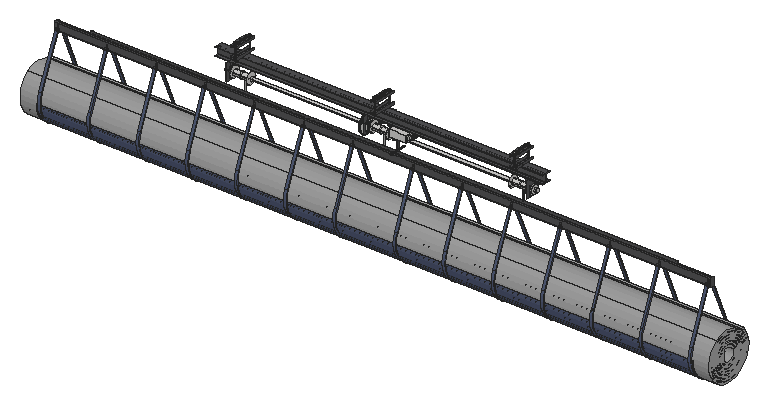
Revit family "Wrestling_Mat_Storage-PSS-4090", category Specialty Equipment, Revit 2018
Family settings
  Round Connector Dimension = Use Diameter
  Part Type = Normal
  OmniClass Number = 23.40.50.34.34
  OmniClass Title = Equipment Storage Racks
  Work Plane-Based = No
  Always vertical = Yes
  Cut with Voids When Loaded = No
  Shared = No
  Room Calculation Point = No
Parameters (values of type "4090 - Single Sling")
  URL = "http://www.perfsports.com/"
  Superstructure Finish = Powder Coat - Performance Sports Systems - Black
  Sling Material = Vinyl Coated Fabric - Performance Sports Systems - C04 Royal Blue
  Show Lower Sling = no
  Mat Color = Generic - Wrestling Mat
  Product Page URL = "http://www.perfsports.com/store/p-96-4090-mat-storage-system.aspx"
  Model = "4090"
  Manufacturer = "Performance Sports Systems"  # constant formula
  Length = 40' - 0"
  Description = "Wrestling Mat Storage System"
  Created By = "Revitus"  # constant formula
  Creator URL = "http://www.revituspro.com/"
  BIM Version = "v3.1"
  CSI MasterFormat = "11 66 23"
  Assembly Code = "E1020900"
  Attachment Height [instance] = 24' - 6"
Reference planes (in)
  plane 1 "Centerline of Drive Shaft (Front/Back)": y = 0
  plane 2: z = 0
  plane 3 "Center (Left/Right)": x = 0
  plane 4 "Left": x = -240
  plane 5 "Right": x = 240
  plane 6: x = -238
  plane 7: x = 238
  plane 8 "Top of Load Bar": z = 257.875
  plane 9: x = -214.75
  plane 10: x = 214.75
  plane 11 "Centerline of Curtain Roller (Top/Bottom)": z = 271.375
  plane 12 "Bottom of Structure": z = 294
  plane 13 "Bottom of Load Bar": z = 251.875
  plane 14: x = -120
  plane 15: x = 120
  plane 16 "Left Carrier Centerline (Left/Right)": x = -102
  plane 17 "Right Carrier Centerline (Left/Right)": x = 102
  plane 18: y = 3
  plane 19: y = 1
  plane 20 "Drive Shaft - Left": x = -114
  plane 21 "Drive Shaft - Right": x = 114
  plane 22 "Edge of Mat - Left": x = -252
  plane 23 "Edge of Mat - Right": x = 252
  plane 24: z = 193.375
  plane 25 "Centerline of Mat (Top/Bottom)": z = 211.375
  plane 26: z = 259.875
  plane 27: y = 2.25
  plane 28: y = 1.75
  plane 29 "Center (Front/Back)": y = 2
  plane 30 "Back": y = 20
  plane 31 "Front": y = -16
  plane 32: x = -22
  plane 33: z = 151.375
  plane 34: x = -202
  plane 35: x = -166
  plane 36: x = -130
  plane 37: x = -94
  plane 38: x = -58
  plane 39: x = 22
  plane 40: x = 202
  plane 41: x = 166
  plane 42: x = 130
  plane 43: x = 94
  plane 44: x = 58
Forms (in)
  Extrusion 1, solid, material "Powder Coat - Performance Sports Systems - Black" <- "Superstructure Finish"
    sketch origin (0, 0, 117) x (0, 1, 0) y (0, 0, 1)
      loop
        arc (3, 140.5) -> (2.89017, 140.76517) -> (2.625, 140.875) r 0.375
        line (2.625, 140.875) -> (1.375, 140.875)
        arc (1.375, 140.875) -> (1.10983, 140.76517) -> (1, 140.5) r 0.375
        line (1, 140.5) -> (1, 135.25)
        arc (1, 135.25) -> (1.10983, 134.98483) -> (1.375, 134.875) r 0.375
        line (1.375, 134.875) -> (2.625, 134.875)
        arc (2.625, 134.875) -> (2.89017, 134.98483) -> (3, 135.25) r 0.375
        line (3, 135.25) -> (3, 140.5)
      loop
        arc (2.8125, 140.5) -> (2.75758, 140.63258) -> (2.625, 140.6875) r 0.1875
        line (2.625, 140.6875) -> (1.375, 140.6875)
        arc (1.375, 140.6875) -> (1.24242, 140.63258) -> (1.1875, 140.5) r 0.1875
        line (1.1875, 140.5) -> (1.1875, 135.25)
        arc (1.1875, 135.25) -> (1.24242, 135.11742) -> (1.375, 135.0625) r 0.1875
        line (1.375, 135.0625) -> (2.625, 135.0625)
        arc (2.625, 135.0625) -> (2.75758, 135.11742) -> (2.8125, 135.25) r 0.1875
        line (2.8125, 135.25) -> (2.8125, 140.5)
    from -240 to 240
  Extrusion 2, solid, material "Metal - Performance Sports Systems - Gray Steel"
    sketch origin (0, 0, 0) x (0, 1, 0) y (0, 0, 1)
      loop
        circle (0, 271.375) r 1
    from -114 to 114
  Extrusion 3, solid, material "Powder Coat - Performance Sports Systems - Black" <- "Superstructure Finish", detail levels medium+fine
    sketch origin (0, 0, 0) x (0, 1, 0) y (0, 0, 1)
      loop
        line (-3, 285) -> (-3, 284.5625) -> (-0.40625, 284.5625)
        arc (-0.40625, 284.5625) -> (-0.22947, 284.48928) -> (-0.15625, 284.3125) r 0.25
        line (-0.15625, 284.3125) -> (-0.15625, 279.3125)
        arc (-0.15625, 279.3125) -> (-0.22947, 279.13572) -> (-0.40625, 279.0625) r 0.25
        line (-0.40625, 279.0625) -> (-3, 279.0625) -> (-3, 278.625) -> (3, 278.625) -> (3, 279.0625) -> (0.40625, 279.0625)
        arc (0.40625, 279.0625) -> (0.22947, 279.13572) -> (0.15625, 279.3125) r 0.25
        line (0.15625, 279.3125) -> (0.15625, 284.3125)
        arc (0.15625, 284.3125) -> (0.22947, 284.48928) -> (0.40625, 284.5625) r 0.25
        line (0.40625, 284.5625) -> (3, 284.5625) -> (3, 285) -> (-3, 285)
    from -120 to 120
  Extrusion 4, solid, material "Powder Coat - Performance Sports Systems - Black" <- "Superstructure Finish"
    sketch origin (0, 0, 0) x (0, 1, 0) y (0, 0, 1)
      loop
        line (2.25, 257.875) -> (2.25, 259.875) -> (1.75, 259.875) -> (1.75, 257.875) -> (2.25, 257.875)
    from -214.75 to 214.75
  Extrusion 5, solid, material "Generic - Wrestling Mat" <- "Mat Color"
    sketch origin (0, 0, 0) x (0, 1, 0) y (0, 0, 1)
      loop
        arc (-2.24264, 215.61764) -> (2, 205.375) -> (6.24264, 215.61764) r 6
        arc (6.24264, 215.61764) -> (1.5286, 217.97466) -> (-3.65685, 217.03185) r 8.33333
        arc (-3.65685, 217.03185) -> (2, 203.375) -> (7.65685, 217.03185) r 8
        arc (7.65685, 217.03185) -> (1.7971, 219.97427) -> (-4.66009, 218.83443) r 10.42105
        arc (-4.66009, 218.83443) -> (1.71728, 201.379) -> (9.07107, 218.44607) r 10
        arc (9.07107, 218.44607) -> (1.97061, 221.96962) -> (-5.81506, 220.4813) r 12.42105
        arc (-5.81506, 220.4813) -> (1.54315, 199.3837) -> (10.48528, 219.86028) r 12
        arc (10.48528, 219.86028) -> (2.14446, 223.96412) -> (-6.9677, 222.12583) r 14.42105
        arc (-6.9677, 222.12583) -> (1.36892, 197.38923) -> (11.89949, 221.27449) r 14
        arc (11.89949, 221.27449) -> (2.31851, 225.95809) -> (-8.11886, 223.7689) r 16.42105
        arc (-8.11886, 223.7689) -> (1.19463, 195.39528) -> (13.31371, 222.68871) r 16
        arc (13.31371, 222.68871) -> (2.49269, 227.95171) -> (-9.26904, 225.41098) r 18.42105
        arc (-9.26904, 225.41098) -> (1.02029, 193.40168) -> (14.72792, 224.10292) r 18
        line (14.72792, 224.10292) -> (13.84404, 223.21904)
        arc (13.84404, 223.21904) -> (1.12926, 194.64765) -> (-8.55027, 224.38477) r 16.75
        arc (-8.55027, 224.38477) -> (2.38382, 226.70573) -> (12.42983, 221.80483) r 17.17105
        arc (12.42983, 221.80483) -> (1.30357, 196.64145) -> (-7.39952, 222.74212) r 14.75
        arc (-7.39952, 222.74212) -> (2.20971, 224.71191) -> (11.01561, 220.39061) r 15.17105
        arc (11.01561, 220.39061) -> (1.47782, 198.6357) -> (-6.24752, 221.09822) r 12.75
        arc (-6.24752, 221.09822) -> (2.03578, 222.71764) -> (9.6014, 218.9764) r 13.17105
        arc (9.6014, 218.9764) -> (1.65199, 200.63063) -> (-5.09356, 219.45237) r 10.75
        arc (-5.09356, 219.45237) -> (1.86211, 220.72266) -> (8.18718, 217.56218) r 11.17105
        arc (8.18718, 217.56218) -> (1.82605, 202.62673) -> (-3.93634, 217.80324) r 8.75
        arc (-3.93634, 217.80324) -> (1.68894, 218.72649) -> (6.77297, 216.14797) r 9.17105
        arc (6.77297, 216.14797) -> (2, 204.625) -> (-2.77297, 216.14797) r 6.75
        arc (-2.77297, 216.14797) -> (1.51675, 216.72806) -> (5.35876, 214.73376) r 7.17105
        arc (5.35876, 214.73376) -> (2, 206.625) -> (-1.35876, 214.73376) r 4.75
        line (-1.35876, 214.73376) -> (-2.24264, 215.61764)
    from -252 to 252
  Extrusion 6, solid, material "Vinyl Coated Fabric - Performance Sports Systems - C04 Royal Blue" <- "Sling Material"
    sketch origin (0, 0, 0) x (0, 1, 0) y (0, 0, 1)
      loop
        line (-16, 211.375) -> (-16.125, 211.375)
        arc (-16.125, 211.375) -> (2, 193.25) -> (20.125, 211.375) r 18.125
        line (20.125, 211.375) -> (20, 211.375)
        arc (20, 211.375) -> (2, 193.375) -> (-16, 211.375) r 18
    from -240 to 240
  Extrusion 7, solid, material "Generic - Wrestling Mat" <- "Mat Color", visible <- "Show Lower Sling"
    sketch origin (0, 0, 0) x (0, 1, 0) y (0, 0, 1)
      loop
        arc (-2.24264, 155.61764) -> (2, 145.375) -> (6.24264, 155.61764) r 6
        arc (6.24264, 155.61764) -> (1.5286, 157.97466) -> (-3.65685, 157.03185) r 8.33333
        arc (-3.65685, 157.03185) -> (2, 143.375) -> (7.65685, 157.03185) r 8
        arc (7.65685, 157.03185) -> (1.7971, 159.97427) -> (-4.66009, 158.83443) r 10.42105
        arc (-4.66009, 158.83443) -> (1.71728, 141.379) -> (9.07107, 158.44607) r 10
        arc (9.07107, 158.44607) -> (1.97061, 161.96962) -> (-5.81506, 160.4813) r 12.42105
        arc (-5.81506, 160.4813) -> (1.54315, 139.3837) -> (10.48528, 159.86028) r 12
        arc (10.48528, 159.86028) -> (2.14446, 163.96412) -> (-6.9677, 162.12583) r 14.42105
        arc (-6.9677, 162.12583) -> (1.36892, 137.38923) -> (11.89949, 161.27449) r 14
        arc (11.89949, 161.27449) -> (2.31851, 165.95809) -> (-8.11886, 163.7689) r 16.42105
        arc (-8.11886, 163.7689) -> (1.19463, 135.39528) -> (13.31371, 162.68871) r 16
        arc (13.31371, 162.68871) -> (2.49269, 167.95171) -> (-9.26904, 165.41098) r 18.42105
        arc (-9.26904, 165.41098) -> (1.02029, 133.40168) -> (14.72792, 164.10292) r 18
        line (14.72792, 164.10292) -> (13.84404, 163.21904)
        arc (13.84404, 163.21904) -> (1.12926, 134.64765) -> (-8.55027, 164.38477) r 16.75
        arc (-8.55027, 164.38477) -> (2.38382, 166.70573) -> (12.42983, 161.80483) r 17.17105
        arc (12.42983, 161.80483) -> (1.30357, 136.64145) -> (-7.39952, 162.74212) r 14.75
        arc (-7.39952, 162.74212) -> (2.20971, 164.71191) -> (11.01561, 160.39061) r 15.17105
        arc (11.01561, 160.39061) -> (1.47782, 138.6357) -> (-6.24752, 161.09822) r 12.75
        arc (-6.24752, 161.09822) -> (2.03578, 162.71764) -> (9.6014, 158.9764) r 13.17105
        arc (9.6014, 158.9764) -> (1.65199, 140.63063) -> (-5.09356, 159.45237) r 10.75
        arc (-5.09356, 159.45237) -> (1.86211, 160.72266) -> (8.18718, 157.56218) r 11.17105
        arc (8.18718, 157.56218) -> (1.82605, 142.62673) -> (-3.93634, 157.80324) r 8.75
        arc (-3.93634, 157.80324) -> (1.68894, 158.72649) -> (6.77297, 156.14797) r 9.17105
        arc (6.77297, 156.14797) -> (2, 144.625) -> (-2.77297, 156.14797) r 6.75
        arc (-2.77297, 156.14797) -> (1.51675, 156.72806) -> (5.35876, 154.73376) r 7.17105
        arc (5.35876, 154.73376) -> (2, 146.625) -> (-1.35876, 154.73376) r 4.75
        line (-1.35876, 154.73376) -> (-2.24264, 155.61764)
    from -252 to 252
  Extrusion 8, solid, material "Vinyl Coated Fabric - Performance Sports Systems - C04 Royal Blue" <- "Sling Material", visible <- "Show Lower Sling"
    sketch origin (0, 0, 0) x (0, 1, 0) y (0, 0, 1)
      loop
        line (-16, 151.375) -> (-16.125, 151.375)
        arc (-16.125, 151.375) -> (2, 133.25) -> (20.125, 151.375) r 18.125
        line (20.125, 151.375) -> (20, 151.375)
        arc (20, 151.375) -> (2, 133.375) -> (-16, 151.375) r 18
    from -240 to 240
  Sweep 9, solid, material "Metal - Performance Sports Systems - Gray Steel"
    path origin (-102, 0, 0) x (0, 0, 1) y (0, -1, 0)
      loop
        line (259.875, -2) -> (271.375, -2)
        arc (271.375, -2) -> (272.78921, 1.41421) -> (269.375, 0) r 2
    profile origin (-102, -1.41421, 272.78921) x (0, 0.707107, -0.707107) y (1, 0, 0)
      loop
        circle (-0.15625, 0) r 0.15625
  Sweep 10, solid, material "Metal - Performance Sports Systems - Gray Steel"
    path origin (102, 0, 0) x (0, 0, 1) y (0, -1, 0)
      loop
        line (259.875, -2) -> (271.375, -2)
        arc (271.375, -2) -> (272.78921, 1.41421) -> (269.375, 0) r 2
    profile origin (102, -1.41421, 272.78921) x (0, -0.707107, 0.707107) y (-1, 0, 0)
      loop
        circle (-0.15625, 0) r 0.15625
  Sweep 11, solid, material "Metal - Performance Sports Systems - Gray Steel"
    path origin (0, 0, 0) x (0, 1, 0) y (0, 0, 1)
      loop
        line (2, 259.875) -> (2, 271.375)
        arc (2, 271.375) -> (-1.41421, 272.78921) -> (0, 269.375) r 2
    profile origin (0, -1.41421, 272.78921) x (0, 0.707107, -0.707107) y (1, 0, 0)
      loop
        circle (-0.15625, 0) r 0.15625
Lines and regions (in)
  symbolic lines, style "SpecialityEquipmentHiddenLines"
    curve 1: line (-240, 20, 0) -> (240, 20, 0)
    curve 2: line (-240, -16, 0) -> (240, -16, 0)
    curve 3: line (-240, 20, 0) -> (-240, -16, 0)
    curve 4: line (240, 20, 0) -> (240, -16, 0)
  model lines, style "InvisibleLines", not visible
    curve 5: line (0, 0, 259.875) -> (0, 0, 0)
Dimensions and locks (in)
  "Length": plane 4 "Left" to plane 5 "Right"
  locked: plane 4 "Left" to plane 9 at 25.25
  locked: plane 5 "Right" to plane 10 at 25.25
  equal spacing: plane 4 "Left", plane 3 "Center (Left/Right)", plane 5 "Right"
  "Attachment Height": plane 12 "Bottom of Structure" to level
  locked: plane 12 "Bottom of Structure" to plane 11 "Centerline of Curtain Roller (Top/Bottom)" at 22.625
  plane 12 "Bottom of Structure" to Extrusion 3 sketch curve to Extrusion 3 sketch curve = 0' - 9" locked, 0' - 6 3/8" locked
  plane 15 to plane 3 "Center (Left/Right)" to plane 14 = 10' - 0" locked, 10' - 0" locked
  locked: plane 16 "Left Carrier Centerline (Left/Right)" to plane 14 at 18
  locked: plane 17 "Right Carrier Centerline (Left/Right)" to plane 15 at 18
  plane 18 to plane 19 to plane 1 "Centerline of Drive Shaft (Front/Back)" = 0' - 2" locked, 0' - 1" locked
  locked: plane 8 "Top of Load Bar" to plane 13 "Bottom of Load Bar" at 6
  locked: plane 20 "Drive Shaft - Left" to plane 14 at 6
  locked: plane 21 "Drive Shaft - Right" to plane 15 at 6
  locked: plane 22 "Edge of Mat - Left" to plane 4 "Left" at 12
  locked: plane 5 "Right" to plane 23 "Edge of Mat - Right" at 12
  plane 11 "Centerline of Curtain Roller (Top/Bottom)" to plane 24 = 6' - 6"
  locked: plane 25 "Centerline of Mat (Top/Bottom)" to plane 24 at 18
  locked: plane 13 "Bottom of Load Bar" to plane 24 at 58.5
  locked: plane 26 to plane 8 "Top of Load Bar" at 2
  plane 18 to plane 27 to plane 28 = 0' - 0 3/4" locked, 0' - 0 1/2" locked
  locked: plane 6 to plane 4 "Left" at 2
  locked: plane 5 "Right" to plane 7 at 2
  locked: plane 29 "Center (Front/Back)" to plane 1 "Centerline of Drive Shaft (Front/Back)" at 2
  plane 30 "Back" to plane 29 "Center (Front/Back)" to plane 31 "Front" = 1' - 6" locked, 1' - 6" locked
  plane 39 to plane 3 "Center (Left/Right)" to plane 32 = 1' - 10" locked, 1' - 10" locked
  locked: plane 25 "Centerline of Mat (Top/Bottom)" to plane 33 at 60
  equal spacing: plane 32, plane 38, plane 37, plane 36, plane 35, plane 34, plane 6
  equal spacing: plane 39, plane 44, plane 43, plane 42, plane 41, plane 40, plane 7
  aligned and locked: level to plane 2
  aligned and locked: level to curve 5
  aligned and locked: plane 4 "Left" to curve 3
  aligned and locked: curve 4 to plane 5 "Right"
  aligned and locked: plane 5 "Right" to Extrusion 1
  aligned and locked: plane 4 "Left" to Extrusion 1
  aligned: plane 5 "Right" to Extrusion 2
  aligned: plane 5 "Right" to Extrusion 3
  aligned and locked: plane 11 "Centerline of Curtain Roller (Top/Bottom)" to nested 1
  aligned and locked: plane 1 "Centerline of Drive Shaft (Front/Back)" to nested 1
  aligned and locked: Extrusion 3 to plane 14
  aligned and locked: Extrusion 3 to plane 15
  aligned and locked: plane 16 "Left Carrier Centerline (Left/Right)" to nested 1
  aligned and locked: Extrusion 2 to plane 20 "Drive Shaft - Left"
  aligned and locked: Extrusion 2 to plane 21 "Drive Shaft - Right"
  aligned and locked: nested 2 to plane 11 "Centerline of Curtain Roller (Top/Bottom)"
  aligned and locked: nested 2 to plane 17 "Right Carrier Centerline (Left/Right)"
  aligned and locked: nested 2 to plane 1 "Centerline of Drive Shaft (Front/Back)"
  aligned and locked: plane 11 "Centerline of Curtain Roller (Top/Bottom)" to nested 3
  aligned and locked: plane 3 "Center (Left/Right)" to nested 3
  aligned and locked: plane 1 "Centerline of Drive Shaft (Front/Back)" to nested 3
  aligned and locked: plane 18 to Extrusion 1 sketch curve
  aligned and locked: plane 8 "Top of Load Bar" to Extrusion 1 sketch curve
  aligned and locked: plane 13 "Bottom of Load Bar" to Extrusion 1 sketch curve
  aligned and locked: Extrusion 1 sketch curve to plane 19
  aligned and locked: plane 27 to Extrusion 4 sketch curve
  aligned and locked: plane 28 to Extrusion 4 sketch curve
  aligned and locked: plane 8 "Top of Load Bar" to Extrusion 4 sketch curve
  aligned and locked: plane 26 to Extrusion 4 sketch curve
  aligned and locked: Extrusion 4 to plane 9
  aligned and locked: Extrusion 4 to plane 10
  aligned and locked: Extrusion 5 to plane 22 "Edge of Mat - Left"
  aligned and locked: Extrusion 5 to plane 23 "Edge of Mat - Right"
  aligned and locked: plane 4 "Left" to Extrusion 6
  aligned and locked: plane 5 "Right" to Extrusion 6
  aligned and locked: plane 25 "Centerline of Mat (Top/Bottom)" to Extrusion 6 sketch curve
  aligned and locked: curve 1 to plane 30 "Back"
  aligned and locked: plane 31 "Front" to curve 2
  aligned and locked: plane 25 "Centerline of Mat (Top/Bottom)" to nested 4
  aligned and locked: plane 29 "Center (Front/Back)" to nested 4
  aligned and locked: plane 6 to nested 4
  aligned and locked: Extrusion 8 sketch curve to plane 33  (x2)
  aligned and locked: plane 32 to nested 10
  aligned and locked: plane 38 to nested 9
  aligned and locked: plane 37 to nested 8
  aligned and locked: plane 36 to nested 7
  aligned and locked: plane 35 to nested 6
  aligned and locked: plane 34 to nested 5
  aligned and locked: plane 25 "Centerline of Mat (Top/Bottom)" to nested 5
  aligned and locked: plane 25 "Centerline of Mat (Top/Bottom)" to nested 6
  aligned and locked: plane 25 "Centerline of Mat (Top/Bottom)" to nested 7
  aligned and locked: plane 25 "Centerline of Mat (Top/Bottom)" to nested 8
  aligned and locked: plane 25 "Centerline of Mat (Top/Bottom)" to nested 9
  aligned and locked: plane 25 "Centerline of Mat (Top/Bottom)" to nested 10
  aligned and locked: plane 29 "Center (Front/Back)" to nested 5
  aligned and locked: plane 29 "Center (Front/Back)" to nested 6
  aligned and locked: plane 29 "Center (Front/Back)" to nested 7
  aligned and locked: plane 29 "Center (Front/Back)" to nested 8
  aligned and locked: plane 29 "Center (Front/Back)" to nested 9
  aligned and locked: plane 29 "Center (Front/Back)" to nested 10
  aligned and locked: plane 25 "Centerline of Mat (Top/Bottom)" to nested 11
  aligned and locked: plane 25 "Centerline of Mat (Top/Bottom)" to nested 12
  aligned and locked: plane 25 "Centerline of Mat (Top/Bottom)" to nested 13
  aligned and locked: plane 25 "Centerline of Mat (Top/Bottom)" to nested 14
  aligned and locked: plane 25 "Centerline of Mat (Top/Bottom)" to nested 15
  aligned and locked: plane 25 "Centerline of Mat (Top/Bottom)" to nested 16
  aligned and locked: plane 25 "Centerline of Mat (Top/Bottom)" to nested 17
  aligned and locked: plane 29 "Center (Front/Back)" to nested 11
  aligned and locked: plane 29 "Center (Front/Back)" to nested 12
  aligned and locked: plane 29 "Center (Front/Back)" to nested 13
  aligned and locked: plane 29 "Center (Front/Back)" to nested 14
  aligned and locked: plane 29 "Center (Front/Back)" to nested 15
  aligned and locked: plane 29 "Center (Front/Back)" to nested 16
  aligned and locked: plane 29 "Center (Front/Back)" to nested 17
  aligned and locked: nested 11 to plane 39
  aligned and locked: nested 12 to plane 44
  aligned and locked: nested 13 to plane 43
  aligned and locked: nested 14 to plane 42
  aligned and locked: nested 15 to plane 41
  aligned and locked: nested 16 to plane 40
  aligned and locked: nested 17 to plane 7
  aligned and locked: plane 4 "Left" to Extrusion 8
  aligned and locked: plane 22 "Edge of Mat - Left" to Extrusion 7
  aligned and locked: plane 5 "Right" to Extrusion 8
  aligned and locked: Extrusion 7 to plane 23 "Edge of Mat - Right"
  aligned and locked: Sweep 9 sketch curve to nested 4
  aligned and locked: plane 26 to Sweep 9 sketch curve
  aligned and locked: Sweep 10 sketch curve to plane 29 "Center (Front/Back)"
  aligned and locked: plane 26 to Sweep 10 sketch curve
  aligned and locked: plane 1 "Centerline of Drive Shaft (Front/Back)" to Sweep 10 sketch curve
  aligned and locked: Sweep 11 sketch curve to plane 29 "Center (Front/Back)"
  aligned and locked: plane 26 to Sweep 11 sketch curve
  aligned and locked: plane 1 "Centerline of Drive Shaft (Front/Back)" to Sweep 11 sketch curve
Automatic sketch dimensions
  curve 5 to plane 3 "Center (Left/Right)" = 0' - 0"
  curve 5 to plane 26 = 0' - 0"
  Extrusion 1 sketch curve to Extrusion 1 sketch curve = 0' - 0"  (x8)
  plane 19 to Extrusion 1 sketch curve = 0' - 0 3/16"
  Extrusion 1 sketch curve to Extrusion 1 sketch curve = 0' - 0 3/16"  (x2)
  plane 18 to Extrusion 1 sketch curve = 0' - 0 3/8"  (x2)
  Extrusion 2 sketch curve to plane 1 "Centerline of Drive Shaft (Front/Back)" = 0' - 0"
  Extrusion 2 sketch curve to plane 11 "Centerline of Curtain Roller (Top/Bottom)" = 0' - 0"
  Extrusion 3 sketch curve to plane 18 = 0' - 0"  (x2)
  Extrusion 3 sketch curve to plane 1 "Centerline of Drive Shaft (Front/Back)" = 0' - 0 13/32"  (x2)
  Extrusion 3 sketch curve to plane 1 "Centerline of Drive Shaft (Front/Back)" = 0' - 0 5/32"
  plane 1 "Centerline of Drive Shaft (Front/Back)" to Extrusion 3 sketch curve = 0' - 0 5/32"
  Extrusion 3 sketch curve to Extrusion 3 sketch curve = 0' - 0 1/4"  (x2)
  Extrusion 3 sketch curve to Extrusion 3 sketch curve = 0' - 2 19/32"  (x2)
  Extrusion 3 sketch curve to Extrusion 3 sketch curve = 0' - 0 7/16"  (x2)
  Extrusion 3 sketch curve to Extrusion 3 sketch curve = 0' - 0 11/16"
  Extrusion 3 sketch curve to Extrusion 3 sketch curve = 0' - 0"
  Extrusion 5 sketch curve to Extrusion 5 sketch curve = 0' - 0"  (x304)
  Extrusion 5 sketch curve to plane 25 "Centerline of Mat (Top/Bottom)" = 0' - 0"
  Extrusion 5 sketch curve to plane 29 "Center (Front/Back)" = 0' - 0"
  Extrusion 5 sketch curve to plane 1 "Centerline of Drive Shaft (Front/Back)" = 0' - 0.35008"
  Extrusion 5 sketch curve to Extrusion 5 sketch curve = 0' - 0.06203"
  plane 1 "Centerline of Drive Shaft (Front/Back)" to Extrusion 5 sketch curve = 0' - 1.35876"
  Extrusion 5 sketch curve to Extrusion 5 sketch curve = 0' - 0.88388"  (x4)
  Extrusion 5 sketch curve to Extrusion 5 sketch curve = 0' - 0.53033"  (x4)
  Extrusion 5 sketch curve to Extrusion 5 sketch curve = 0' - 0.27949"
  Extrusion 5 sketch curve to Extrusion 5 sketch curve = 0' - 0.72375"
  Extrusion 5 sketch curve to Extrusion 5 sketch curve = 0' - 0.43347"
  Extrusion 5 sketch curve to Extrusion 5 sketch curve = 0' - 0.7215"
  Extrusion 5 sketch curve to Extrusion 5 sketch curve = 0' - 0.43245"
  Extrusion 5 sketch curve to Extrusion 5 sketch curve = 0' - 0.72018"
  Extrusion 5 sketch curve to Extrusion 5 sketch curve = 0' - 0.43183"
  Extrusion 5 sketch curve to Extrusion 5 sketch curve = 0' - 0.71934"
  Extrusion 5 sketch curve to Extrusion 5 sketch curve = 0' - 0.43141"
  Extrusion 5 sketch curve to Extrusion 5 sketch curve = 0' - 0 23/32"
  Extrusion 5 sketch curve to plane 18 = 0' - 2.35876"
  Extrusion 6 sketch curve to Extrusion 6 sketch curve = 0' - 0"  (x2)
  Extrusion 6 sketch curve to plane 25 "Centerline of Mat (Top/Bottom)" = 0' - 0"
  Extrusion 6 sketch curve to plane 31 "Front" = 0' - 0"
  Extrusion 6 sketch curve to plane 29 "Center (Front/Back)" = 0' - 0"
  Extrusion 6 sketch curve to Extrusion 6 sketch curve = 0' - 0 1/8"
  Extrusion 7 sketch curve to Extrusion 7 sketch curve = 0' - 0"  (x304)
  Extrusion 7 sketch curve to plane 29 "Center (Front/Back)" = 0' - 0"
  Extrusion 7 sketch curve to plane 33 = 0' - 0"
  Extrusion 7 sketch curve to plane 1 "Centerline of Drive Shaft (Front/Back)" = 0' - 0.35008"
  Extrusion 7 sketch curve to Extrusion 7 sketch curve = 0' - 0.06203"
  plane 1 "Centerline of Drive Shaft (Front/Back)" to Extrusion 7 sketch curve = 0' - 1.35876"
  Extrusion 7 sketch curve to Extrusion 7 sketch curve = 0' - 0.88388"  (x4)
  Extrusion 7 sketch curve to Extrusion 7 sketch curve = 0' - 0.53033"  (x4)
  Extrusion 7 sketch curve to Extrusion 7 sketch curve = 0' - 0.27949"
  Extrusion 7 sketch curve to Extrusion 7 sketch curve = 0' - 0.72375"
  Extrusion 7 sketch curve to Extrusion 7 sketch curve = 0' - 0.43347"
  Extrusion 7 sketch curve to Extrusion 7 sketch curve = 0' - 0.7215"
  Extrusion 7 sketch curve to Extrusion 7 sketch curve = 0' - 0.43245"
  Extrusion 7 sketch curve to Extrusion 7 sketch curve = 0' - 0.72018"
  Extrusion 7 sketch curve to Extrusion 7 sketch curve = 0' - 0.43183"
  Extrusion 7 sketch curve to Extrusion 7 sketch curve = 0' - 0.71934"
  Extrusion 7 sketch curve to Extrusion 7 sketch curve = 0' - 0.43141"
  Extrusion 7 sketch curve to Extrusion 7 sketch curve = 0' - 0 23/32"
  Extrusion 7 sketch curve to plane 18 = 0' - 2.35876"
  Extrusion 8 sketch curve to Extrusion 8 sketch curve = 0' - 0"
  Extrusion 8 sketch curve to plane 31 "Front" = 0' - 0"
  Extrusion 8 sketch curve to plane 29 "Center (Front/Back)" = 0' - 0"
  Extrusion 8 sketch curve to Extrusion 8 sketch curve = 0' - 0 1/8"
  Sweep 9 sketch curve to plane 1 "Centerline of Drive Shaft (Front/Back)" = 0' - 0"
  Sweep 9 sketch curve to plane 11 "Centerline of Curtain Roller (Top/Bottom)" = 0' - 0"
  Sweep 9 sketch curve to plane 16 "Left Carrier Centerline (Left/Right)" = 0' - 0"
  profile plane to Sweep 9 sketch curve = 0' - 0 5/32"
  Sweep 10 sketch curve to plane 11 "Centerline of Curtain Roller (Top/Bottom)" = 0' - 0"
  Sweep 10 sketch curve to plane 17 "Right Carrier Centerline (Left/Right)" = 0' - 0"
  profile plane to Sweep 10 sketch curve = 0' - 0 5/32"
  Sweep 11 sketch curve to profile plane = 0' - 0"
  profile plane to Sweep 11 sketch curve = 0' - 0 5/32"
  Sweep 11 sketch curve to plane 11 "Centerline of Curtain Roller (Top/Bottom)" = 0' - 0"
  radius of Extrusion 2 sketch curve = 0' - 1"
  radius of Sweep 9 sketch curve = 0' - 0 5/32"
  radius of Sweep 10 sketch curve = 0' - 0 5/32"
  radius of Sweep 11 sketch curve = 0' - 0 5/32"
Nested families (in)
  nested 1: "Wrestling_Mat_Storage-Carrier-PSS" at (-102, 0, 271.375), type "Wrestling_Mat_Storage-Carrier-PSS"
  nested 2: "Wrestling_Mat_Storage-Carrier-PSS" at (102, 0, 271.375) x (-1, 0, 0) z (0, 0, 1), type "Wrestling_Mat_Storage-Carrier-PSS"
  nested 3: "Wrestling_Mat_Storage-Hoist-PSS" at (0, 0, 271.375), type "Wrestling_Mat_Storage-Hoist-PSS"
  nested 4: "Wrestling_Mat_Storage-Sling_Strap-PSS-4090" at (-238, 2, 211.375), type "Wrestling_Mat_Storage-Sling_Strap-PSS-4090"
    with Show Lower Sling no
  nested 5: "Wrestling_Mat_Storage-Sling_Strap-PSS-4090" at (-202, 2, 211.375), type "Wrestling_Mat_Storage-Sling_Strap-PSS-4090"
    with Show Lower Sling no
  nested 6: "Wrestling_Mat_Storage-Sling_Strap-PSS-4090" at (-166, 2, 211.375), type "Wrestling_Mat_Storage-Sling_Strap-PSS-4090"
    with Show Lower Sling no
  nested 7: "Wrestling_Mat_Storage-Sling_Strap-PSS-4090" at (-130, 2, 211.375), type "Wrestling_Mat_Storage-Sling_Strap-PSS-4090"
    with Show Lower Sling no
  nested 8: "Wrestling_Mat_Storage-Sling_Strap-PSS-4090" at (-94, 2, 211.375), type "Wrestling_Mat_Storage-Sling_Strap-PSS-4090"
    with Show Lower Sling no
  nested 9: "Wrestling_Mat_Storage-Sling_Strap-PSS-4090" at (-58, 2, 211.375), type "Wrestling_Mat_Storage-Sling_Strap-PSS-4090"
    with Show Lower Sling no
  nested 10: "Wrestling_Mat_Storage-Sling_Strap-PSS-4090" at (-22, 2, 211.375), type "Wrestling_Mat_Storage-Sling_Strap-PSS-4090"
    with Show Lower Sling no
  nested 11: "Wrestling_Mat_Storage-Sling_Strap-PSS-4090" at (22, 2, 211.375), type "Wrestling_Mat_Storage-Sling_Strap-PSS-4090"
    with Show Lower Sling no
  nested 12: "Wrestling_Mat_Storage-Sling_Strap-PSS-4090" at (58, 2, 211.375), type "Wrestling_Mat_Storage-Sling_Strap-PSS-4090"
    with Show Lower Sling no
  nested 13: "Wrestling_Mat_Storage-Sling_Strap-PSS-4090" at (94, 2, 211.375), type "Wrestling_Mat_Storage-Sling_Strap-PSS-4090"
    with Show Lower Sling no
  nested 14: "Wrestling_Mat_Storage-Sling_Strap-PSS-4090" at (130, 2, 211.375), type "Wrestling_Mat_Storage-Sling_Strap-PSS-4090"
    with Show Lower Sling no
  nested 15: "Wrestling_Mat_Storage-Sling_Strap-PSS-4090" at (166, 2, 211.375), type "Wrestling_Mat_Storage-Sling_Strap-PSS-4090"
    with Show Lower Sling no
  nested 16: "Wrestling_Mat_Storage-Sling_Strap-PSS-4090" at (202, 2, 211.375), type "Wrestling_Mat_Storage-Sling_Strap-PSS-4090"
    with Show Lower Sling no
  nested 17: "Wrestling_Mat_Storage-Sling_Strap-PSS-4090" at (238, 2, 211.375), type "Wrestling_Mat_Storage-Sling_Strap-PSS-4090"
    with Show Lower Sling no
Definition of nested family "Wrestling_Mat_Storage-Carrier-PSS"
  Parameters
    URL = "http://www.perfsports.com/"
    Superstructure Finish = none
    Manufacturer = "Performance Sports Systems"  # constant formula
    Description = "Fastener for Attaching Wrestling Mat Storage to Structure"
    Default Elevation = 4' - 0"
    Created By = "Revitus"  # constant formula
    Creator URL = "http://www.revituspro.com/"
    Assembly Code = ""
  Reference planes (in)
    plane 1 "Center (Front/Back)": y = 0
    plane 2: z = 0
    plane 3 "Center (Left/Right)": x = 0
    plane 4: z = 22.625
  Forms (in)
    Extrusion 1, solid, material <- "Superstructure Finish", detail levels medium+fine
      sketch origin (0, 1.75, 13.625) x (1, 0, 0) y (0, 1, 0)
        loop
          line (-1.36028, 6.25) -> (-1.36028, -9.75) -> (1.36028, -9.75) -> (1.36028, 6.25) -> (-1.36028, 6.25)
        loop
          circle (0, 4.75) r 0.21875
        loop
          circle (0, -8.25) r 0.21875
        loop
          circle (0, 1.75) r 0.21875
        loop
          circle (0, -5.25) r 0.21875
      from 0 to 0.1875
    Extrusion 2, solid, material <- "Superstructure Finish", detail levels medium+fine
      sketch origin (0, 1.75, 13.625) x (1, 0, 0) y (0, 0, 1)
        loop
          line (2, 0) -> (2, 1.5625) -> (1.91739, 1.5625)
          arc (1.91739, 1.5625) -> (1.83704, 1.53326) -> (1.79429, 1.45921) r 0.125
          line (1.79429, 1.45921) -> (1.60648, 0.39409)
          arc (1.60648, 0.39409) -> (1.52097, 0.24599) -> (1.36028, 0.1875) r 0.25
          line (1.36028, 0.1875) -> (1.36028, 0) -> (2, 0)
        loop
          line (-2, 0) -> (-1.36028, 0) -> (-1.36028, 0.1875)
          arc (-1.36028, 0.1875) -> (-1.52097, 0.24599) -> (-1.60648, 0.39409) r 0.25
          line (-1.60648, 0.39409) -> (-1.79429, 1.45921)
          arc (-1.79429, 1.45921) -> (-1.83704, 1.53326) -> (-1.91739, 1.5625) r 0.125
          line (-1.91739, 1.5625) -> (-2, 1.5625) -> (-2, 0)
      from -6.25 to 9.75
    Extrusion 3, solid, detail levels medium+fine
      sketch origin (0, 0, 0) x (1, 0, 0) y (0, 1, 0)
        loop
          circle (0, -6.5) r 0.1875
        loop
          circle (0, 6.5) r 0.1875
      from 12.125 to 24.125
    Extrusion 4, solid, detail levels fine
      sketch origin (0, 0, 11.625) x (0, -1, 0) y (1, 0, 0)
        loop
          circle (-6.5, 0) r 0.1875
        loop
          line (-6.78125, 0.16238) -> (-6.78125, -0.16238) -> (-6.5, -0.32476) -> (-6.21875, -0.16238) -> (-6.21875, 0.16238) -> (-6.5, 0.32476) -> (-6.78125, 0.16238)
        loop
          circle (6.5, 0) r 0.1875
        loop
          line (6.78125, 0.16238) -> (6.5, 0.32476) -> (6.21875, 0.16238) -> (6.21875, -0.16238) -> (6.5, -0.32476) -> (6.78125, -0.16238) -> (6.78125, 0.16238)
      from 11 to 11.25
    Extrusion 5, solid, detail levels fine
      sketch origin (0, 0, 2.375) x (0, -1, 0) y (1, 0, 0)
        loop
          circle (-6.5, 0) r 0.1875
        loop
          line (-6.78125, 0.16238) -> (-6.78125, -0.16238) -> (-6.5, -0.32476) -> (-6.21875, -0.16238) -> (-6.21875, 0.16238) -> (-6.5, 0.32476) -> (-6.78125, 0.16238)
        loop
          circle (6.5, 0) r 0.1875
        loop
          line (6.78125, 0.16238) -> (6.5, 0.32476) -> (6.21875, 0.16238) -> (6.21875, -0.16238) -> (6.5, -0.32476) -> (6.78125, -0.16238) -> (6.78125, 0.16238)
      from 11 to 11.25
    Extrusion 6, solid, detail levels fine
      sketch origin (0, 0, 2.8125) x (0, -1, 0) y (1, 0, 0)
        loop
          circle (-6.5, 0) r 0.1875
        loop
          line (-6.78125, 0.16238) -> (-6.78125, -0.16238) -> (-6.5, -0.32476) -> (-6.21875, -0.16238) -> (-6.21875, 0.16238) -> (-6.5, 0.32476) -> (-6.78125, 0.16238)
        loop
          circle (6.5, 0) r 0.1875
        loop
          line (6.78125, 0.16238) -> (6.5, 0.32476) -> (6.21875, 0.16238) -> (6.21875, -0.16238) -> (6.5, -0.32476) -> (6.78125, -0.16238) -> (6.78125, 0.16238)
      from 11 to 11.25
    Extrusion 7, solid, detail levels fine
      sketch origin (0, 0, 11.1875) x (0, -1, 0) y (1, 0, 0)
        loop
          circle (-6.5, 0) r 0.1875
        loop
          line (-6.78125, 0.16238) -> (-6.78125, -0.16238) -> (-6.5, -0.32476) -> (-6.21875, -0.16238) -> (-6.21875, 0.16238) -> (-6.5, 0.32476) -> (-6.78125, 0.16238)
        loop
          circle (6.5, 0) r 0.1875
        loop
          line (6.78125, 0.16238) -> (6.5, 0.32476) -> (6.21875, 0.16238) -> (6.21875, -0.16238) -> (6.5, -0.32476) -> (6.78125, -0.16238) -> (6.78125, 0.16238)
      from 11 to 11.25
    Extrusion 8, solid, material <- "Superstructure Finish", detail levels medium+fine
      sketch origin (0, 25, 13.125) x (0, -1, 0) y (1, 0, 0)
        loop
          line (24.5, 2.25) -> (19.5, 2.25) -> (19.5, -2.25) -> (24.5, -2.25) -> (24.5, 2.25)
        loop
          circle (23.25, 0) r 0.1875
        loop
          circle (21.5, 0) r 0.21875
        loop
          circle (20.375, -1.5) r 0.1875
        loop
          circle (20.375, 1.5) r 0.1875
        loop
          line (25.5, 2.25) -> (25.5, -2.25) -> (30.5, -2.25) -> (30.5, 2.25) -> (25.5, 2.25)
        loop
          circle (26.75, 0) r 0.1875
        loop
          circle (28.5, 0) r 0.21875
        loop
          circle (29.625, -1.5) r 0.1875
        loop
          circle (29.625, 1.5) r 0.1875
      from 9.75 to 10
    Extrusion 9, solid, detail levels fine
      sketch origin (-1, 22.59375, 12.125) x (0, -1, 0) y (1, 0, 0)
        loop
          line (18.13113, -0.78125) -> (18.29351, -0.5) -> (18.13113, -0.21875) -> (17.80637, -0.21875) -> (17.64399, -0.5) -> (17.80637, -0.78125) -> (18.13113, -0.78125)
        loop
          line (18.13113, 2.21875) -> (18.29351, 2.5) -> (18.13113, 2.78125) -> (17.80637, 2.78125) -> (17.64399, 2.5) -> (17.80637, 2.21875) -> (18.13113, 2.21875)
        loop
          line (21.00613, 0.71875) -> (21.16851, 1) -> (21.00613, 1.28125) -> (20.68137, 1.28125) -> (20.51899, 1) -> (20.68137, 0.71875) -> (21.00613, 0.71875)
        loop
          line (24.50613, 0.71875) -> (24.66851, 1) -> (24.50613, 1.28125) -> (24.18137, 1.28125) -> (24.01899, 1) -> (24.18137, 0.71875) -> (24.50613, 0.71875)
        loop
          line (27.38113, -0.78125) -> (27.54351, -0.5) -> (27.38113, -0.21875) -> (27.05637, -0.21875) -> (26.89399, -0.5) -> (27.05637, -0.78125) -> (27.38113, -0.78125)
        loop
          line (27.38113, 2.21875) -> (27.54351, 2.5) -> (27.38113, 2.78125) -> (27.05637, 2.78125) -> (26.89399, 2.5) -> (27.05637, 2.21875) -> (27.38113, 2.21875)
        loop
          line (25.75, 0.80154) -> (26.09375, 0.60307) -> (26.4375, 0.80154) -> (26.4375, 1.19846) -> (26.09375, 1.39693) -> (25.75, 1.19846) -> (25.75, 0.80154)
        loop
          line (19.4375, 0.80154) -> (19.4375, 1.19846) -> (19.09375, 1.39693) -> (18.75, 1.19846) -> (18.75, 0.80154) -> (19.09375, 0.60307) -> (19.4375, 0.80154)
      from 11 to 11.25
    Extrusion 10, solid, material <- "Superstructure Finish", detail levels medium+fine
      sketch origin (0, 1.75, 22.625) x (0, -1, 0) y (1, 0, 0)
        loop
          line (-6.25, -1.36028) -> (9.75, -1.36028) -> (9.75, 1.36028) -> (-6.25, 1.36028) -> (-6.25, -1.36028)
        loop
          circle (-4.75, 0) r 0.21875
        loop
          circle (8.25, 0) r 0.21875
        loop
          circle (-1.75, 0) r 0.21875
        loop
          circle (5.25, 0) r 0.21875
      from 0 to -0.1875
    Extrusion 11, solid, material <- "Superstructure Finish", detail levels medium+fine
      sketch origin (0, 1.75, 22.625) x (1, 0, 0) y (0, 0, 1)
        loop
          line (2, 0) -> (1.36028, 0) -> (1.36028, -0.1875)
          arc (1.36028, -0.1875) -> (1.52097, -0.24599) -> (1.60648, -0.39409) r 0.25
          line (1.60648, -0.39409) -> (1.79429, -1.45921)
          arc (1.79429, -1.45921) -> (1.83704, -1.53326) -> (1.91739, -1.5625) r 0.125
          line (1.91739, -1.5625) -> (2, -1.5625) -> (2, 0)
        loop
          line (-2, 0) -> (-2, -1.5625) -> (-1.91739, -1.5625)
          arc (-1.91739, -1.5625) -> (-1.83704, -1.53326) -> (-1.79429, -1.45921) r 0.125
          line (-1.79429, -1.45921) -> (-1.60648, -0.39409)
          arc (-1.60648, -0.39409) -> (-1.52097, -0.24599) -> (-1.36028, -0.1875) r 0.25
          line (-1.36028, -0.1875) -> (-1.36028, 0) -> (-2, 0)
      from -6.25 to 9.75
    Extrusion 12, solid, detail levels fine
      sketch origin (0, 0, 0) x (1, 0, 0) y (0, 1, 0)
        loop
          circle (0, -3.5) r 0.21875
        loop
          circle (0, 3.5) r 0.21875
      from 21.625 to 23.125
    Extrusion 13, solid, detail levels fine
      sketch origin (0, 0, 0) x (1, 0, 0) y (0, 1, 0)
        loop
          circle (-1.5, 4.625) r 0.1875
        loop
          circle (1.5, 4.625) r 0.1875
        loop
          circle (0, 1.75) r 0.1875
        loop
          circle (0, -1.75) r 0.1875
        loop
          circle (-1.5, -4.625) r 0.1875
        loop
          circle (1.5, -4.625) r 0.1875
      from 22.625 to 23.125
    Extrusion 14, solid, detail levels medium+fine
      sketch origin (-4.8125, 0, -284.25) x (0, 1, 0) y (0, 0, -1)
        loop
          circle (0, -284.25) r 3.875
        loop
          circle (0, -284.25) r 1
      from 1.1875 to 1.375
    Extrusion 15, solid, detail levels medium+fine
      sketch origin (4.8125, 0, -284.25) x (0, 1, 0) y (0, 0, 1)
        loop
          circle (0, 284.25) r 3.875
        loop
          circle (0, 284.25) r 1
      from 1.1875 to 1.375
    Extrusion 16, solid, detail levels medium+fine
      sketch origin (0, 0, -284.25) x (0, 1, 0) y (0, 0, 1)
        loop
          circle (0, 284.25) r 2
        loop
          circle (0, 284.25) r 1.75
      from -6 to 6
    Extrusion 17, solid, detail levels medium+fine
      sketch origin (4.8125, 0, -284.25) x (0, 1, 0) y (0, 0, 1)
        loop
          circle (0, 284.25) r 1
        loop
          circle (0, 284.25) r 1.5
      from 1.375 to 2.375
    Extrusion 18, solid, detail levels medium+fine
      sketch origin (-4.8125, 0, -284.25) x (0, 1, 0) y (0, 0, -1)
        loop
          circle (0, -284.25) r 1
        loop
          circle (0, -284.25) r 1.5
      from 1.375 to 2.375
    Extrusion 19, solid, material <- "Superstructure Finish", detail levels medium+fine
      sketch origin (-0.5, 0, -6.375) x (0, 1, 0) y (0, 0, -1)
        loop
          line (5, -13.625) -> (5, -1.625) -> (-5, -1.625) -> (-5, -13.625) -> (5, -13.625)
        loop
          circle (2.5625, -8.9375) r 0.25
        loop
          circle (-2.5625, -8.9375) r 0.25
        loop
          circle (2.5625, -3.8125) r 0.25
        loop
          circle (-2.5625, -3.8125) r 0.25
        loop
          circle (0, -6.375) r 1
      from 7.1875 to 7.5625
    Extrusion 20, solid, detail levels medium+fine
      sketch origin (0, 0, 0) x (0, 1, 0) y (0, 0, 1)
        loop
          line (2.5625, 3.1875) -> (-2.5625, 3.1875)
          arc (-2.5625, 3.1875) -> (-3.00444, 3.00444) -> (-3.1875, 2.5625) r 0.625
          line (-3.1875, 2.5625) -> (-3.1875, -2.5625)
          arc (-3.1875, -2.5625) -> (-3.00444, -3.00444) -> (-2.5625, -3.1875) r 0.625
          line (-2.5625, -3.1875) -> (2.5625, -3.1875)
          arc (2.5625, -3.1875) -> (3.00444, -3.00444) -> (3.1875, -2.5625) r 0.625
          line (3.1875, -2.5625) -> (3.1875, 2.5625)
          arc (3.1875, 2.5625) -> (3.00444, 3.00444) -> (2.5625, 3.1875) r 0.625
        loop
          circle (0, 0) r 1
        loop
          circle (2.5625, 2.5625) r 0.25
        loop
          circle (-2.5625, 2.5625) r 0.25
        loop
          circle (-2.5625, -2.5625) r 0.25
        loop
          circle (2.5625, -2.5625) r 0.25
      from -8.6875 to -8.0625
    Extrusion 21, solid, detail levels medium+fine
      sketch origin (0, 0, 0) x (0, 1, 0) y (0, 0, 1)
        loop
          line (2.24472, 1.36083) -> (3.00444, 2.12056)
          arc (3.00444, 2.12056) -> (3.00444, 3.00444) -> (2.12056, 3.00444) r 0.625
          line (2.12056, 3.00444) -> (1.36083, 2.24472)
          arc (1.36083, 2.24472) -> (1.85616, 1.85616) -> (2.24472, 1.36083) r 2.625
        loop
          circle (2.5625, 2.5625) r 0.25
        loop
          arc (-2.24472, 1.36083) -> (-1.85616, 1.85616) -> (-1.36083, 2.24472) r 2.625
          line (-1.36083, 2.24472) -> (-2.12056, 3.00444)
          arc (-2.12056, 3.00444) -> (-3.00444, 3.00444) -> (-3.00444, 2.12056) r 0.625
          line (-3.00444, 2.12056) -> (-2.24472, 1.36083)
        loop
          circle (-2.5625, 2.5625) r 0.25
        loop
          arc (2.24472, -1.36083) -> (1.85616, -1.85616) -> (1.36083, -2.24472) r 2.625
          line (1.36083, -2.24472) -> (2.12056, -3.00444)
          arc (2.12056, -3.00444) -> (3.00444, -3.00444) -> (3.00444, -2.12056) r 0.625
          line (3.00444, -2.12056) -> (2.24472, -1.36083)
        loop
          circle (2.5625, -2.5625) r 0.25
        loop
          line (-2.24472, -1.36083) -> (-3.00444, -2.12056)
          arc (-3.00444, -2.12056) -> (-3.00444, -3.00444) -> (-2.12056, -3.00444) r 0.625
          line (-2.12056, -3.00444) -> (-1.36083, -2.24472)
          arc (-1.36083, -2.24472) -> (-1.85616, -1.85616) -> (-2.24472, -1.36083) r 2.625
        loop
          circle (-2.5625, -2.5625) r 0.25
      from -8.875 to -8.6875
    Extrusion 22, solid, detail levels medium+fine
      sketch origin (0, 0, 0) x (0, 1, 0) y (0, 0, 1)
        loop
          circle (0, 0) r 2.625
        loop
          circle (0, 0) r 1.25
      from -9.8125 to -8.6875
    Extrusion 23, solid, detail levels medium+fine
      sketch origin (0, 0, 0) x (0, 1, 0) y (0, 0, 1)
        loop
          circle (0, 0) r 1
        loop
          circle (0, 0) r 1.25
      from -10.375 to -8.0625
    Extrusion 24, solid, material <- "Superstructure Finish", detail levels medium+fine
      sketch origin (0, 1.90625, 0) x (1, 0, 0) y (0, 0, -1)
        loop
          line (-7.6875, -7.25) -> (-3.6875, -7.25) -> (-7.6875, -3.25) -> (-7.6875, -7.25)
      from 0 to 0.25
    Extrusion 25, solid, material <- "Superstructure Finish", detail levels medium+fine
      sketch origin (0, -1.90625, 0) x (1, 0, 0) y (0, 0, 1)
        loop
          line (-7.6875, 7.25) -> (-7.6875, 3.25) -> (-3.6875, 7.25) -> (-7.6875, 7.25)
      from 0 to 0.25
    Extrusion 26, solid, detail levels fine
      sketch origin (0, 0, 0) x (0, 1, 0) y (0, 0, 1)
        loop
          line (2.76096, 2.21875) -> (2.95943, 2.5625) -> (2.76096, 2.90625) -> (2.36404, 2.90625) -> (2.16557, 2.5625) -> (2.36404, 2.21875) -> (2.76096, 2.21875)
        loop
          line (-2.76096, 2.21875) -> (-2.36404, 2.21875) -> (-2.16557, 2.5625) -> (-2.36404, 2.90625) -> (-2.76096, 2.90625) -> (-2.95943, 2.5625) -> (-2.76096, 2.21875)
        loop
          line (2.76096, -2.21875) -> (2.36404, -2.21875) -> (2.16557, -2.5625) -> (2.36404, -2.90625) -> (2.76096, -2.90625) -> (2.95943, -2.5625) -> (2.76096, -2.21875)
        loop
          line (-2.76096, -2.21875) -> (-2.95943, -2.5625) -> (-2.76096, -2.90625) -> (-2.36404, -2.90625) -> (-2.16557, -2.5625) -> (-2.36404, -2.21875) -> (-2.76096, -2.21875)
      from -9.3125 to -8.875
    Extrusion 27, solid, detail levels fine
      sketch origin (-16.5625, 0, 0) x (0, 1, 0) y (0, 0, -1)
        loop
          line (2.76096, -2.21875) -> (2.36404, -2.21875) -> (2.16557, -2.5625) -> (2.36404, -2.90625) -> (2.76096, -2.90625) -> (2.95943, -2.5625) -> (2.76096, -2.21875)
        loop
          line (-2.76096, -2.21875) -> (-2.95943, -2.5625) -> (-2.76096, -2.90625) -> (-2.36404, -2.90625) -> (-2.16557, -2.5625) -> (-2.36404, -2.21875) -> (-2.76096, -2.21875)
        loop
          line (2.76096, 2.21875) -> (2.95943, 2.5625) -> (2.76096, 2.90625) -> (2.36404, 2.90625) -> (2.16557, 2.5625) -> (2.36404, 2.21875) -> (2.76096, 2.21875)
        loop
          line (-2.76096, 2.21875) -> (-2.36404, 2.21875) -> (-2.16557, 2.5625) -> (-2.36404, 2.90625) -> (-2.76096, 2.90625) -> (-2.95943, 2.5625) -> (-2.76096, 2.21875)
      from -9.3125 to -8.875
  Cuts and joins
    joined: Extrusion 1, Extrusion 2
    joined: Extrusion 10, Extrusion 11
    joined: Extrusion 20, Extrusion 21, Extrusion 22, Extrusion 23
  Dimensions and locks (in)
    plane 1 "Center (Front/Back)" to Extrusion 1 sketch curve = 0' - 8"
    plane 4 to level = 1' - 10 5/8"
    level to cut or joined group of Extrusion 1, Extrusion 2 to cut or joined group of Extrusion 10, Extrusion 11 = 1' - 1 5/8", 0' - 9"
    aligned and locked: level to plane 2
    aligned: plane 4 to Extrusion 3
Definition of nested family "Wrestling_Mat_Storage-Hoist-PSS"
  Parameters
    URL = "http://www.perfsports.com/"
    Superstructure Finish = none
    Manufacturer = "Performance Sports Systems"  # constant formula
    Description = "Wrestling Mat Hoist"
    Default Elevation = 4' - 0"
    Created By = "Revitus"  # constant formula
    Creator URL = "http://www.revituspro.com/"
    Assembly Code = ""
  Reference planes (in)
    plane 1 "Center (Front/Back)": y = 0
    plane 2: z = 0
    plane 3 "Center (Left/Right)": x = 0
  Forms (in)
    Extrusion 1, solid, material <- "Superstructure Finish", detail levels medium+fine
      sketch origin (0, 1.75, 13.625) x (1, 0, 0) y (0, 1, 0)
        loop
          line (-1.36028, 6.25) -> (-1.36028, -9.75) -> (1.36028, -9.75) -> (1.36028, 6.25) -> (-1.36028, 6.25)
        loop
          circle (0, 4.75) r 0.21875
        loop
          circle (0, -8.25) r 0.21875
        loop
          circle (0, 1.75) r 0.21875
        loop
          circle (0, -5.25) r 0.21875
      from 0 to 0.1875
    Extrusion 2, solid, material <- "Superstructure Finish", detail levels medium+fine
      sketch origin (0, 1.75, 13.625) x (1, 0, 0) y (0, 0, 1)
        loop
          line (2, 0) -> (2, 1.5625) -> (1.91739, 1.5625)
          arc (1.91739, 1.5625) -> (1.83704, 1.53326) -> (1.79429, 1.45921) r 0.125
          line (1.79429, 1.45921) -> (1.60648, 0.39409)
          arc (1.60648, 0.39409) -> (1.52097, 0.24599) -> (1.36028, 0.1875) r 0.25
          line (1.36028, 0.1875) -> (1.36028, 0) -> (2, 0)
        loop
          line (-2, 0) -> (-1.36028, 0) -> (-1.36028, 0.1875)
          arc (-1.36028, 0.1875) -> (-1.52097, 0.24599) -> (-1.60648, 0.39409) r 0.25
          line (-1.60648, 0.39409) -> (-1.79429, 1.45921)
          arc (-1.79429, 1.45921) -> (-1.83704, 1.53326) -> (-1.91739, 1.5625) r 0.125
          line (-1.91739, 1.5625) -> (-2, 1.5625) -> (-2, 0)
      from -6.25 to 9.75
    Extrusion 3, solid, detail levels medium+fine
      sketch origin (0, 0, 0) x (1, 0, 0) y (0, 1, 0)
        loop
          circle (0, -6.5) r 0.1875
        loop
          circle (0, 6.5) r 0.1875
      from 12.125 to 24.125
    Extrusion 4, solid, detail levels fine
      sketch origin (0, 0, -3.25) x (0, -1, 0) y (1, 0, 0)
        loop
          circle (-10.0625, -7.875) r 0.25
        loop
          line (-10.46875, -7.64045) -> (-10.46875, -8.10955) -> (-10.0625, -8.3441) -> (-9.65625, -8.10955) -> (-9.65625, -7.64045) -> (-10.0625, -7.4059) -> (-10.46875, -7.64045)
        loop
          circle (-10.0625, -1.375) r 0.25
        loop
          line (-10.46875, -1.14045) -> (-10.46875, -1.60955) -> (-10.0625, -1.8441) -> (-9.65625, -1.60955) -> (-9.65625, -1.14045) -> (-10.0625, -0.9059) -> (-10.46875, -1.14045)
        loop
          circle (-5.1875, -7.875) r 0.25
        loop
          line (-5.59375, -7.64045) -> (-5.59375, -8.10955) -> (-5.1875, -8.3441) -> (-4.78125, -8.10955) -> (-4.78125, -7.64045) -> (-5.1875, -7.4059) -> (-5.59375, -7.64045)
        loop
          circle (-5.1875, -1.375) r 0.25
        loop
          line (-5.59375, -1.14045) -> (-5.59375, -1.60955) -> (-5.1875, -1.8441) -> (-4.78125, -1.60955) -> (-4.78125, -1.14045) -> (-5.1875, -0.9059) -> (-5.59375, -1.14045)
      from 11 to 11.25
    Extrusion 5, solid, detail levels fine
      sketch origin (0, 0, 2.375) x (0, -1, 0) y (1, 0, 0)
        loop
          circle (-6.5, 0) r 0.1875
        loop
          line (-6.78125, 0.16238) -> (-6.78125, -0.16238) -> (-6.5, -0.32476) -> (-6.21875, -0.16238) -> (-6.21875, 0.16238) -> (-6.5, 0.32476) -> (-6.78125, 0.16238)
        loop
          circle (6.5, 0) r 0.1875
        loop
          line (6.78125, 0.16238) -> (6.5, 0.32476) -> (6.21875, 0.16238) -> (6.21875, -0.16238) -> (6.5, -0.32476) -> (6.78125, -0.16238) -> (6.78125, 0.16238)
      from 11 to 11.25
    Extrusion 6, solid, detail levels fine
      sketch origin (0, 0, 2.8125) x (0, -1, 0) y (1, 0, 0)
        loop
          circle (-6.5, 0) r 0.1875
        loop
          line (-6.78125, 0.16238) -> (-6.78125, -0.16238) -> (-6.5, -0.32476) -> (-6.21875, -0.16238) -> (-6.21875, 0.16238) -> (-6.5, 0.32476) -> (-6.78125, 0.16238)
        loop
          circle (6.5, 0) r 0.1875
        loop
          line (6.78125, 0.16238) -> (6.5, 0.32476) -> (6.21875, 0.16238) -> (6.21875, -0.16238) -> (6.5, -0.32476) -> (6.78125, -0.16238) -> (6.78125, 0.16238)
      from 11 to 11.25
    Extrusion 7, solid, detail levels fine
      sketch origin (0, 0, 11.1875) x (0, -1, 0) y (1, 0, 0)
        loop
          circle (-6.5, 0) r 0.1875
        loop
          line (-6.78125, 0.16238) -> (-6.78125, -0.16238) -> (-6.5, -0.32476) -> (-6.21875, -0.16238) -> (-6.21875, 0.16238) -> (-6.5, 0.32476) -> (-6.78125, 0.16238)
        loop
          circle (6.5, 0) r 0.1875
        loop
          line (6.78125, 0.16238) -> (6.5, 0.32476) -> (6.21875, 0.16238) -> (6.21875, -0.16238) -> (6.5, -0.32476) -> (6.78125, -0.16238) -> (6.78125, 0.16238)
      from 11 to 11.25
    Extrusion 8, solid, material <- "Superstructure Finish", detail levels medium+fine
      sketch origin (0, 25, 13.125) x (0, -1, 0) y (1, 0, 0)
        loop
          line (24.5, 2.25) -> (19.5, 2.25) -> (19.5, -2.25) -> (24.5, -2.25) -> (24.5, 2.25)
        loop
          circle (23.25, 0) r 0.1875
        loop
          circle (21.5, 0) r 0.21875
        loop
          circle (20.375, -1.5) r 0.1875
        loop
          circle (20.375, 1.5) r 0.1875
        loop
          line (25.5, 2.25) -> (25.5, -2.25) -> (30.5, -2.25) -> (30.5, 2.25) -> (25.5, 2.25)
        loop
          circle (26.75, 0) r 0.1875
        loop
          circle (28.5, 0) r 0.21875
        loop
          circle (29.625, -1.5) r 0.1875
        loop
          circle (29.625, 1.5) r 0.1875
      from 9.75 to 10
    Extrusion 9, solid, detail levels fine
      sketch origin (-1, 22.59375, 12.125) x (0, -1, 0) y (1, 0, 0)
        loop
          line (18.13113, -0.78125) -> (18.29351, -0.5) -> (18.13113, -0.21875) -> (17.80637, -0.21875) -> (17.64399, -0.5) -> (17.80637, -0.78125) -> (18.13113, -0.78125)
        loop
          line (18.13113, 2.21875) -> (18.29351, 2.5) -> (18.13113, 2.78125) -> (17.80637, 2.78125) -> (17.64399, 2.5) -> (17.80637, 2.21875) -> (18.13113, 2.21875)
        loop
          line (21.00613, 0.71875) -> (21.16851, 1) -> (21.00613, 1.28125) -> (20.68137, 1.28125) -> (20.51899, 1) -> (20.68137, 0.71875) -> (21.00613, 0.71875)
        loop
          line (24.50613, 0.71875) -> (24.66851, 1) -> (24.50613, 1.28125) -> (24.18137, 1.28125) -> (24.01899, 1) -> (24.18137, 0.71875) -> (24.50613, 0.71875)
        loop
          line (27.38113, -0.78125) -> (27.54351, -0.5) -> (27.38113, -0.21875) -> (27.05637, -0.21875) -> (26.89399, -0.5) -> (27.05637, -0.78125) -> (27.38113, -0.78125)
        loop
          line (27.38113, 2.21875) -> (27.54351, 2.5) -> (27.38113, 2.78125) -> (27.05637, 2.78125) -> (26.89399, 2.5) -> (27.05637, 2.21875) -> (27.38113, 2.21875)
        loop
          line (25.75, 0.80154) -> (26.09375, 0.60307) -> (26.4375, 0.80154) -> (26.4375, 1.19846) -> (26.09375, 1.39693) -> (25.75, 1.19846) -> (25.75, 0.80154)
        loop
          line (19.4375, 0.80154) -> (19.4375, 1.19846) -> (19.09375, 1.39693) -> (18.75, 1.19846) -> (18.75, 0.80154) -> (19.09375, 0.60307) -> (19.4375, 0.80154)
      from 11 to 11.25
    Extrusion 10, solid, material <- "Superstructure Finish", detail levels medium+fine
      sketch origin (0, 1.75, 22.625) x (0, -1, 0) y (1, 0, 0)
        loop
          line (-6.25, -1.36028) -> (9.75, -1.36028) -> (9.75, 1.36028) -> (-6.25, 1.36028) -> (-6.25, -1.36028)
        loop
          circle (-4.75, 0) r 0.21875
        loop
          circle (8.25, 0) r 0.21875
        loop
          circle (-1.75, 0) r 0.21875
        loop
          circle (5.25, 0) r 0.21875
      from 0 to -0.1875
    Extrusion 11, solid, material <- "Superstructure Finish", detail levels medium+fine
      sketch origin (0, 1.75, 22.625) x (1, 0, 0) y (0, 0, 1)
        loop
          line (2, 0) -> (1.36028, 0) -> (1.36028, -0.1875)
          arc (1.36028, -0.1875) -> (1.52097, -0.24599) -> (1.60648, -0.39409) r 0.25
          line (1.60648, -0.39409) -> (1.79429, -1.45921)
          arc (1.79429, -1.45921) -> (1.83704, -1.53326) -> (1.91739, -1.5625) r 0.125
          line (1.91739, -1.5625) -> (2, -1.5625) -> (2, 0)
        loop
          line (-2, 0) -> (-2, -1.5625) -> (-1.91739, -1.5625)
          arc (-1.91739, -1.5625) -> (-1.83704, -1.53326) -> (-1.79429, -1.45921) r 0.125
          line (-1.79429, -1.45921) -> (-1.60648, -0.39409)
          arc (-1.60648, -0.39409) -> (-1.52097, -0.24599) -> (-1.36028, -0.1875) r 0.25
          line (-1.36028, -0.1875) -> (-1.36028, 0) -> (-2, 0)
      from -6.25 to 9.75
    Extrusion 12, solid, detail levels fine
      sketch origin (0, 0, 0) x (1, 0, 0) y (0, 1, 0)
        loop
          circle (0, -3.5) r 0.21875
        loop
          circle (0, 3.5) r 0.21875
      from 21.625 to 23.125
    Extrusion 13, solid, detail levels fine
      sketch origin (0, 0, 0) x (1, 0, 0) y (0, 1, 0)
        loop
          circle (-1.5, 4.625) r 0.1875
        loop
          circle (1.5, 4.625) r 0.1875
        loop
          circle (0, 1.75) r 0.1875
        loop
          circle (0, -1.75) r 0.1875
        loop
          circle (-1.5, -4.625) r 0.1875
        loop
          circle (1.5, -4.625) r 0.1875
      from 22.625 to 23.125
    Extrusion 14, solid, detail levels medium+fine
      sketch origin (-4.8125, 0, -284.25) x (0, 1, 0) y (0, 0, -1)
        loop
          circle (0, -284.25) r 3.875
        loop
          circle (0, -284.25) r 1
      from 1.1875 to 1.375
    Extrusion 15, solid, detail levels medium+fine
      sketch origin (4.8125, 0, -284.25) x (0, 1, 0) y (0, 0, 1)
        loop
          circle (0, 284.25) r 3.875
        loop
          circle (0, 284.25) r 1
      from 1.1875 to 1.375
    Extrusion 16, solid, detail levels medium+fine
      sketch origin (0, 0, -284.25) x (0, 1, 0) y (0, 0, 1)
        loop
          circle (0, 284.25) r 2
        loop
          circle (0, 284.25) r 1.75
      from -6 to 6
    Extrusion 17, solid, detail levels medium+fine
      sketch origin (4.8125, 0, -284.25) x (0, 1, 0) y (0, 0, 1)
        loop
          circle (0, 284.25) r 1
        loop
          circle (0, 284.25) r 1.5
      from 1.375 to 2.375
    Extrusion 18, solid, detail levels medium+fine
      sketch origin (-4.8125, 0, -284.25) x (0, 1, 0) y (0, 0, -1)
        loop
          circle (0, -284.25) r 1
        loop
          circle (0, -284.25) r 1.5
      from 1.375 to 2.375
    Extrusion 19, solid, material <- "Superstructure Finish", detail levels medium+fine
      sketch origin (-2.4375, 0, -6.375) x (0, 1, 0) y (0, 0, -1)
        loop
          line (5, -13.625) -> (5, -1.625) -> (-5, -1.625) -> (-5, -13.625) -> (5, -13.625)
        loop
          circle (2.5625, -8.9375) r 0.25
        loop
          circle (-2.5625, -8.9375) r 0.25
        loop
          circle (2.5625, -3.8125) r 0.25
        loop
          circle (-2.5625, -3.8125) r 0.25
        loop
          circle (0, -6.375) r 1
      from 7.1875 to 7.5625
    Extrusion 20, solid, material <- "Superstructure Finish", detail levels medium+fine
      sketch origin (-1.9375, 1.90625, 0) x (1, 0, 0) y (0, 0, -1)
        loop
          line (-7.6875, -7.25) -> (-3.6875, -7.25) -> (-7.6875, -3.25) -> (-7.6875, -7.25)
      from 0 to 0.25
    Extrusion 21, solid, material <- "Superstructure Finish", detail levels medium+fine
      sketch origin (-1.9375, -1.90625, 0) x (1, 0, 0) y (0, 0, 1)
        loop
          line (-7.6875, 7.25) -> (-7.6875, 3.25) -> (-3.6875, 7.25) -> (-7.6875, 7.25)
      from 0 to 0.25
    Extrusion 22, solid, detail levels medium+fine
      sketch origin (-17.6875, 0, 0) x (0, 1, 0) y (0, 0, -1)
        loop
          arc (2.5625, -3.1875) -> (3.00444, -3.00444) -> (3.1875, -2.5625) r 0.625
          line (3.1875, -2.5625) -> (3.1875, 2.5625)
          arc (3.1875, 2.5625) -> (3.00444, 3.00444) -> (2.5625, 3.1875) r 0.625
          line (2.5625, 3.1875) -> (-2.5625, 3.1875)
          arc (-2.5625, 3.1875) -> (-3.00444, 3.00444) -> (-3.1875, 2.5625) r 0.625
          line (-3.1875, 2.5625) -> (-3.1875, -2.5625)
